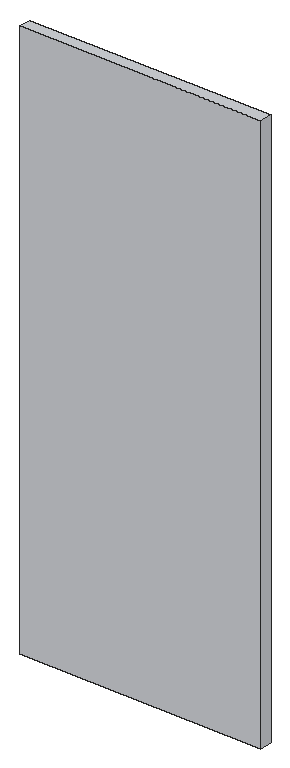
Revit family "TypeF", category Doors, Revit 2019
Family settings
  Work Plane-Based = No
  Always vertical = Yes
  Cut with Voids When Loaded = No
  Shared = No
  Room Calculation Point = No
Parameters (values of type "Automatic Type")
  WallThickness [instance] = 0' - 0"
  SpecificDemo [instance] = no
  SillDetail = ""
  PanelType = ""
  PanelMaterial = none
  PanelFinish [instance] = none
  OverallWidth = 3' - 0"
  OverallHeight = 7' - 0"
  OverallDepth = 0' - 1 3/4"
  Masterformat = ""
  JambDetail = ""
  HeadDetail = ""
  HardwareGroup = ""
  FrameMaterial = none
  FrameFinish [instance] = none
  FireRating = ""
  FamUserGroup [instance] = ""
  DetailDescription = ""
  CC_ID = "5bae605307de4e83ad1eb4d5b048d492"
Reference planes (in)
  plane 1 "Center (Front/Back)": y = 0
  plane 2: z = 0
  plane 3 "Center (Left/Right)": x = 0
  plane 4: x = -18
  plane 5: x = 18
  plane 6: y = 0.875
  plane 7: y = -0.875
  plane 8: z = 84
Forms (in)
  Extrusion 1, solid, material <- "PanelMaterial"
    sketch origin (0, 0, 0) x (1, 0, 0) y (0, 1, 0)
      loop
        line (-18, 0.875) -> (-18, -0.875) -> (18, -0.875) -> (18, 0.875) -> (-18, 0.875)
    from 0 to 84 <- "OverallHeight"
Lines and regions (in)
  symbolic lines, style "DoorsHiddenLines"
    curve 1: line (-18, 0, 84) -> (18, 0, 42)
    curve 2: line (18, 0, 42) -> (-18, 0, 0)
Dimensions and locks (in)
  equal spacing: plane 4, plane 3 "Center (Left/Right)", plane 5
  "OverallWidth": plane 4 to plane 5
  equal spacing: plane 6, plane 1 "Center (Front/Back)", plane 7
  "OverallDepth": plane 6 to plane 7
  "OverallHeight": plane 8 to level
  equal spacing: plane 8, curve 2, level
  aligned and locked: plane 2 to level
  aligned and locked: Extrusion 1 sketch curve to plane 6
  aligned and locked: plane 4 to Extrusion 1 sketch curve
  aligned and locked: plane 7 to Extrusion 1 sketch curve
  aligned and locked: Extrusion 1 sketch curve to plane 5
  aligned and locked: plane 4 to curve 2
  aligned and locked: plane 2 to curve 2
  aligned and locked: plane 8 to curve 1
  aligned and locked: plane 4 to curve 1
  aligned and locked: plane 5 to curve 2
